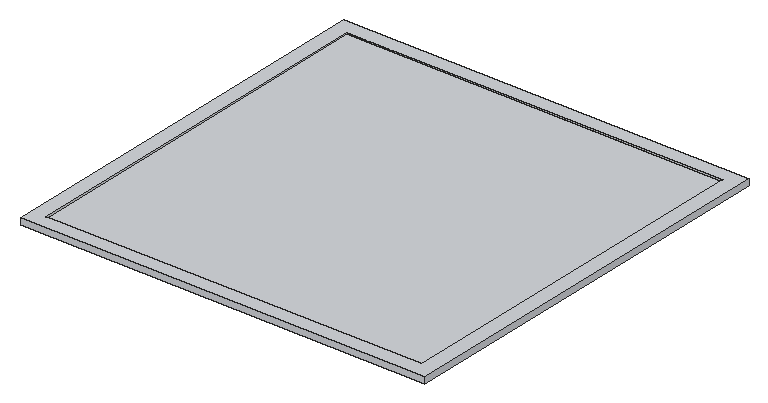
Revit family "0042391", category Lighting Fixtures, host Face, Revit 2017
Family settings
  Host = Face
  Round Connector Dimension = Use Diameter
  Part Type = Normal
  OmniClass Number = 23.80.70.00
  OmniClass Title = Lighting
  Cut with Voids When Loaded = No
  Light Source = Yes
  Shared = No
  Room Calculation Point = No
Parameters (values of type "0042391 START PANEL UGR19 600X600 4800LM 840 SSA")
  Weight = "6.285 kg"
  Wattage Comments = ""
  Wattage = 43 W
  WarrantyStartDate [instance] = "n/a"
  WarrantyGuarantorParts = "n/a"
  WarrantyDurationUnit = "n/a"
  WarrantyDurationParts = "n/a"
  WarrantyDescription = "n/a"
  WIDTH_SYL = 297.5 mm
  built-in parameter 1150110 = 1 (stored number, unit not read)
  Voltage = 0 V
  URL = "http://www.sylvania-lighting.com"
  TypeName = "START Panel UGR19 600x600 4800Lm 840 SSA"
  Type Image = <None>
  Type Comments = "n/a"
  built-in parameter 1114217 = 1 (stored number, unit not read)
  Tilt Angle = -90.00°
  built-in parameter 1150109 = 1 (stored number, unit not read)
  built-in parameter 1150134 = 12
  TOPWIDTH_SYL = 245 mm
  built-in parameter 1150113 = 1 (stored number, unit not read)
  SerialNumber [instance] = "n/a"
  Photometric Web File = "0042391.ies"
  Material_3_SYL = none
  PowerFactor = 0.95
  PowerConsumption = "43 W"
  NominalLength = 595 mm
  NominalHeight = 35 mm
  NominalDepth = 595 mm
  Name = "START Panel UGR19 600x600 4800Lm 840 SSA"
  ModelReference = Name  # "START Panel UGR19 600x600 4800Lm 840 SSA"
  ModelNumber = "0042391"
  Model = Name  # "START Panel UGR19 600x600 4800Lm 840 SSA"
  Material = "aluminium,steel housing, other diffuser"
  ManufacturerName = "Feilo Sylvania"
  Manufacturer = "Feilo Sylvania"
  MAINHEIGHT_SYL = 63 mm
  LuminousEfficacy = "112 lm/W"
  built-in parameter 1150105 = 383.25 (stored number, unit not read)
  Lumens = 4816 lm
  LuminaireType = ""
  built-in parameter 1150115 = 1 (stored number, unit not read)
  LightOutputRatio = "n/a"
  built-in parameter 1150137 = (empty or 0)
  built-in parameter 1150139 = (empty or 0)
  LampsType = Lamp  # "LED"
  LampNominalLuminous = "4800 lm"
  LampMacAdamStep = "6"
  LampColourTemperature = "4000 K"
  LampColourRenderingIndex = "80"
  built-in parameter 1150112 = 1 (stored number, unit not read)
  built-in parameter 1150114 = 1 (stored number, unit not read)
  Lamp = "LED"
  LUMWIDTH_SYL = 276.5 mm
  LUMDEPTH_SYL = 276.5 mm
  Keynote = "16500"
  InstallationDate [instance] = "n/a"
  InputVoltage = "n/a"
  InputNominalFrequency = "n/a"
  built-in parameter 1150132 = (empty or 0)
  built-in parameter 1150102 = (empty or 0)
  built-in parameter 1150107 = 4000 (stored number, unit not read)
  built-in parameter 1150138 = (empty or 0)
  IngressProtection = "IP40/20"
  ImpactProtectionIndex = "IK03"
  built-in parameter 1150106 = 3.8325 (stored number, unit not read)
  IfcExportType = "IfcLightFixtureType"
  IfcExportAs = "IfcLightFixtureType"
  HEIGHT_SYL = 33 mm
  HEIGHTBOTT_SYL = 7 mm
  Emit from Circle Diameter = 609.6 mm
  Emit Shape Visible in Rendering = no
  ElectricShockClassification = "Class II"
  built-in parameter 1150104 = 10.405 (stored number, unit not read)
  DocumentationLiterature = "http://www.sylvania-lighting.com/product/en-int/products/0042391"
  DimmingControlOptions = "n/a"
  Material_2_SYL = none
  Dimming Lamp Color Temperature Shift = <None>
  Description = "START Panel is a range of backlit LED panels used in recessed ceilings. Ideal for general indoor appliactions such as corridors, breakrooms, offices and meeting rooms. Luminaire dimensions are compatible with common ceiling installation, and the shallow design makes it easy to install in low ceilings. 4800Lm; 43W; 112Lm/W; Drive current: 950mA; Average life: 50000Hrs; 4000K; CRI 80; Glare control <19; IK03; IP40 (from the front); SDCM<3; Class II; SylSmart SSA enabled."
  Default Elevation = 1219.2 mm
  DEPTH_SYL = 297.5 mm
  CreatedOn = "9/9/2020"
  CreatedBy = "@sylvania-lighting.com"
  Cost = 0
  Color Filter = 16777215
  built-in parameter 1114216 [instance] = (empty or 0)
  ClassificationValue = "EF_70_80"
  ClassificationName = "Uniclass2015"
  Material_1_SYL = none
  BarCode [instance] = "n/a"
  built-in parameter 1114218 = 1 (stored number, unit not read)
  BOX_WIDTH_SYL = 40 mm
  built-in parameter 1150133 = 10 (stored number, unit not read)
  AssetType = "Fixed"
  AssetIdentifier [instance] = "n/a"
  Assembly Code = "D5020200"
  Apparent Load = 43 VA
  Material_4_SYL = none
  -LUMDEPTH_SYL = LUMDEPTH_SYL * (-1)  # -276.5 mm
Types (4, lengths in mm): name | Wattage | TypeName | built-in parameter 1150134 | Photometric Web File | PowerConsumption | Name | ModelReference | ModelNumber | Model | LuminousEfficacy | built-in parameter 1150105 | Lumens | LampNominalLuminous | LampColourTemperature | built-in parameter 1150107 | built-in parameter 1150106 | built-in parameter 1150104 | DocumentationLiterature | Description | Apparent Load
  0042390 START PANEL UGR19 600X600 4600LM 830 SSA | 43 W | "START Panel UGR19 600x600 4600Lm 830 SSA" | (empty or 0) | "0042390.ies" | "43 W" | "START Panel UGR19 600x600 4600Lm 830 SSA" | "START Panel UGR19 600x600 4600Lm 830 SSA" | "0042390" | "START Panel UGR19 600x600 4600Lm 830 SSA" | "107 lm/W" | 366.14 (stored number, unit not read) | 4601 lm | "4600 lm" | "3000 K" | 3000 (stored number, unit not read) | 3.6614 (stored number, unit not read) | 9.9406 (stored number, unit not read) | "http://www.sylvania-lighting.com/product/en-int/products/0042390" | "START Panel is a range of backlit LED panels used in recessed ceilings. Ideal for general indoor appliactions such as corridors, breakrooms, offices and meeting rooms. Luminaire dimensions are compatible with common ceiling installation, and the shallow design makes it easy to install in low ceilings. 4600Lm; 43W; 107Lm/W; Drive current: 950mA; Average life: 50000Hrs; 3000K; CRI 80; Glare control <19; IK03; IP40 (from the front); SDCM<3; Class II; SylSmart SSA enabled." | 43 VA
  0042389 START PANEL UGR19 600X600 4000LM 840 SSA | 36 W | "START Panel UGR19 600x600 4000Lm 840 SSA" | 12 | "0042389.ies" | "36 W" | "START Panel UGR19 600x600 4000Lm 840 SSA" | "START Panel UGR19 600x600 4000Lm 840 SSA" | "0042389" | "START Panel UGR19 600x600 4000Lm 840 SSA" | "111 lm/W" | 317.99 (stored number, unit not read) | 3996 lm | "4000 lm" | "4000 K" | 4000 (stored number, unit not read) | 3.1799 (stored number, unit not read) | 10.312 (stored number, unit not read) | "http://www.sylvania-lighting.com/product/en-int/products/0042389" | "START Panel is a range of backlit LED panels used in recessed ceilings. Ideal for general indoor appliactions such as corridors, breakrooms, offices and meeting rooms. Luminaire dimensions are compatible with common ceiling installation, and the shallow design makes it easy to install in low ceilings. 4000Lm; 36W; 111Lm/W; Drive current: 750mA; Average life: 50000Hrs; 4000K; CRI 80; Glare control <19; IK03; IP40 (from the front); SDCM<3; Class II; SylSmart SSA enabled." | 36 VA
  0042388 START PANEL UGR19 600X600 3800LM 830 SSA | 36 W | "START Panel UGR19 600x600 3800Lm 830 SSA" | (empty or 0) | "0042388.ies" | "36 W" | "START Panel UGR19 600x600 3800Lm 830 SSA" | "START Panel UGR19 600x600 3800Lm 830 SSA" | "0042388" | "START Panel UGR19 600x600 3800Lm 830 SSA" | "106 lm/W" | 303.67 (stored number, unit not read) | 3816 lm | "3800 lm" | "3000 K" | 3000 (stored number, unit not read) | 3.0367 (stored number, unit not read) | 9.8477 (stored number, unit not read) | "http://www.sylvania-lighting.com/product/en-int/products/0042388" | "START Panel is a range of backlit LED panels used in recessed ceilings. Ideal for general indoor appliactions such as corridors, breakrooms, offices and meeting rooms. Luminaire dimensions are compatible with common ceiling installation, and the shallow design makes it easy to install in low ceilings. 3800Lm; 36W; 106Lm/W; Drive current: 750mA; Average life: 50000Hrs; 3000K; CRI 80; Glare control <19; IK03; IP40 (from the front); SDCM<3; Class II; SylSmart SSA enabled." | 36 VA
  0042391 START PANEL UGR19 600X600 4800LM 840 SSA | 43 W | "START Panel UGR19 600x600 4800Lm 840 SSA" | 12 | "0042391.ies" | "43 W" | "START Panel UGR19 600x600 4800Lm 840 SSA" | "START Panel UGR19 600x600 4800Lm 840 SSA" | "0042391" | "START Panel UGR19 600x600 4800Lm 840 SSA" | "112 lm/W" | 383.25 (stored number, unit not read) | 4816 lm | "4800 lm" | "4000 K" | 4000 (stored number, unit not read) | 3.8325 (stored number, unit not read) | 10.405 (stored number, unit not read) | "http://www.sylvania-lighting.com/product/en-int/products/0042391" | "START Panel is a range of backlit LED panels used in recessed ceilings. Ideal for general indoor appliactions such as corridors, breakrooms, offices and meeting rooms. Luminaire dimensions are compatible with common ceiling installation, and the shallow design makes it easy to install in low ceilings. 4800Lm; 43W; 112Lm/W; Drive current: 950mA; Average life: 50000Hrs; 4000K; CRI 80; Glare control <19; IK03; IP40 (from the front); SDCM<3; Class II; SylSmart SSA enabled." | 43 VA
Reference planes
  plane 1 "Center (Front/Back)": y = 0
  plane 2: z = 0
  plane 3 "Center (Left/Right)": x = 0
  plane 4: x = -297.5
  plane 5: x = 297.5
  plane 6: y = 297.5
  plane 7: y = -297.5
  plane 8: x = 276.5
  plane 9: x = -276.5
  plane 10: y = 276.5
  plane 11: y = -276.5
  plane 12: z = -33
  plane 13: z = -7
  plane 14: x = -245
  plane 15: x = 245
  plane 16: y = -245
  plane 17: y = 245
  plane 18: y = 276.5
  plane 19: y = -276.5
  plane 20: z = -63
  plane 21: x = -40
  plane 22: x = 40
Forms (mm)
  Extrusion 1, solid
    sketch origin (0, 0, 0) x (1, 0, 0) y (0, 1, 0)
      loop
        line (-297.5, 297.5) -> (-297.5, -297.5) -> (297.5, -297.5) -> (297.5, 297.5) -> (-297.5, 297.5)
    from -7 to 2
  Extrusion 2, void
    sketch origin (0, 0, 0) x (1, 0, 0) y (0, 1, 0)
      loop
        line (-276.5, 276.5) -> (-276.5, -276.5) -> (276.5, -276.5) -> (276.5, 276.5) -> (-276.5, 276.5)
    from 0 to 10
  Extrusion 3, solid
    sketch origin (0, 0, 0) x (1, 0, 0) y (0, 0, 1)
      loop
        line (-276.5, -7) -> (-245, -33) -> (245, -33) -> (276.5, -7) -> (-276.5, -7)
    from -276.5 <- "-LUMDEPTH_SYL" to 276.5 <- "LUMDEPTH_SYL"
  Extrusion 4, void
    sketch origin (319, 1524, 1219.2) x (0, 1, 0) y (0, 0, 1)
      loop
        line (-1279, -1252.2) -> (-1247.5, -1252.2) -> (-1247.5, -1226.2) -> (-1279, -1252.2)
      loop
        line (-1800.5, -1226.2) -> (-1800.5, -1252.2) -> (-1769, -1252.2) -> (-1800.5, -1226.2)
    from -1000 to 1000
  Extrusion 5, solid
    sketch origin (0, 0, 0) x (1, 0, 0) y (0, 0, 1)
      loop
        line (-40, -33) -> (-40, -63) -> (40, -63) -> (40, -33) -> (-40, -33)
    from -40 to 40
Cuts and joins
  Extrusion 2 cuts Extrusion 1
  Extrusion 4 cuts Extrusion 3
Dimensions and locks
  "WIDTH_SYL": plane 4 to plane 3 "Center (Left/Right)" to plane 5
  "DEPTH_SYL": plane 7 to plane 1 "Center (Front/Back)" to plane 6
  "LUMWIDTH_SYL": plane 9 to plane 3 "Center (Left/Right)" to plane 8
  "LUMDEPTH_SYL": plane 11 to plane 1 "Center (Front/Back)" to plane 10
  "HEIGHT_SYL": host face to plane 12
  "HEIGHTBOTT_SYL": host face to plane 13
  "TOPWIDTH_SYL": plane 14 to imposter light to plane 15
  "TOPWIDTH_SYL": plane 17 to imposter light to plane 16
  "LUMWIDTH_SYL": plane 18 to imposter light to plane 19
  "MAINHEIGHT_SYL": host face to plane 20
  "BOX_WIDTH_SYL": plane 21 to imposter light to plane 22
  Extrusion 5 sketch curve to Extrusion 5 sketch curve to plane 13 = 30 mm, 26 mm
  aligned and locked: plane 2 to host face
  aligned and locked: level to host face
  aligned and locked: plane 6 to Extrusion 1 sketch curve
  aligned and locked: plane 4 to Extrusion 1 sketch curve
  aligned and locked: Extrusion 1 sketch curve to plane 7
  aligned and locked: Extrusion 1 sketch curve to plane 5
  aligned and locked: plane 10 to Extrusion 2 sketch curve
  aligned and locked: Extrusion 2 sketch curve to plane 9
  aligned and locked: Extrusion 2 sketch curve to plane 11
  aligned and locked: plane 8 to Extrusion 2 sketch curve
  aligned and locked: Extrusion 5 sketch curve to plane 21
  aligned and locked: plane 22 to Extrusion 5 sketch curve
Automatic sketch dimensions
  host sketch curve to host sketch curve = 2438.4 mm  (x2)
  plane 9 to Extrusion 3 sketch curve = 0 mm
  Extrusion 3 sketch curve to plane 12 = 0 mm
  plane 14 to Extrusion 3 sketch curve = 0 mm
  plane 15 to Extrusion 3 sketch curve = 0 mm
  plane 8 to Extrusion 3 sketch curve = 0 mm
  Extrusion 3 sketch curve to plane 13 = 0 mm
  Extrusion 4 sketch curve to plane 11 = 0 mm
  plane 12 to Extrusion 4 sketch curve = 0 mm  (x2)
  Extrusion 4 sketch curve to plane 16 = 0 mm
  Extrusion 4 sketch curve to plane 17 = 0 mm
  Extrusion 4 sketch curve to plane 10 = 0 mm
  plane 13 to Extrusion 4 sketch curve = 0 mm  (x2)
